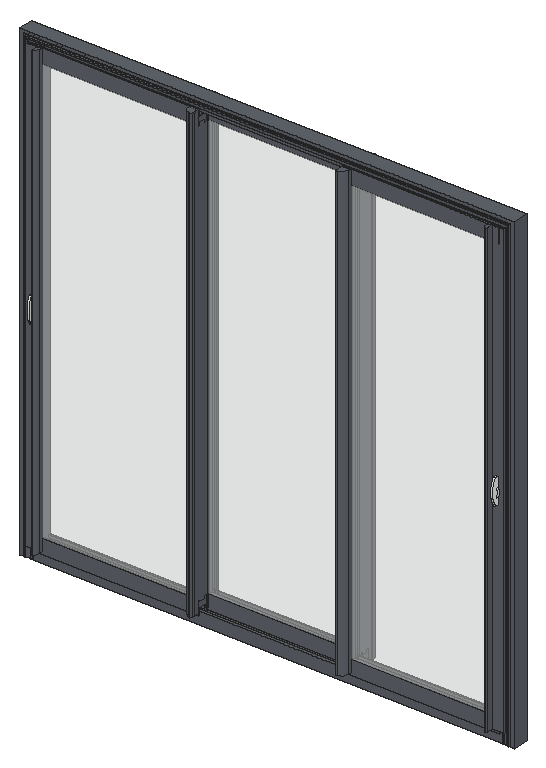
Revit family "Wicslide_65_Glass32_3_leaf_2_track_independent", category Doors, host Wall, Revit 2014 (continued)
Definition of nested family "Leaf_Wicslide_65_G32_2_leaf_2_track_both_sliding_or_1_fixed_1slide"
  Definition of nested family "wicona_handle_2d"
    Lines and regions (mm)
      model lines, style "PIECES", in view "Ref. Level", detail levels fine
        curve 42: line (19.59, -10.831, 0) -> (19.895, -11.783, 0)
        curve 43: line (19.895, -11.783, 0) -> (20.172, -12.744, 0)
        curve 44: line (20.172, -12.744, 0) -> (20.422, -13.712, 0)
        curve 45: line (20.422, -13.712, 0) -> (20.645, -14.687, 0)
        curve 46: line (20.645, -14.687, 0) -> (20.841, -15.667, 0)
        curve 47: line (20.841, -15.667, 0) -> (21.011, -16.653, 0)
        curve 48: line (21.011, -16.653, 0) -> (21.043, -16.863, 0)
        curve 49: line (21.043, -16.863, 0) -> (20.974, -17.852, 0)
        curve 50: line (20.974, -17.852, 0) -> (20.702, -18.43, 0)
        curve 51: line (20.702, -18.43, 0) -> (20.014, -19.149, 0)
        curve 52: line (20.014, -19.149, 0) -> (19.107, -19.554, 0)
        curve 53: line (19.107, -19.554, 0) -> (18.664, -19.6, 0)
        curve 54: line (18.664, -19.6, 0) -> (16.934, -19.6, 0)
        curve 55: line (16.934, -19.6, 0) -> (15.934, -19.6, 0)
        curve 56: line (15.934, -19.6, 0) -> (14.934, -19.6, 0)
        curve 57: line (14.934, -19.6, 0) -> (13.934, -19.6, 0)
        curve 58: line (13.934, -19.6, 0) -> (13.413, -19.6, 0)
        curve 59: line (13.413, -19.6, 0) -> (12.446, -19.377, 0)
        curve 60: line (12.446, -19.377, 0) -> (11.651, -18.781, 0)
        curve 61: line (11.651, -18.781, 0) -> (11.243, -18.216, 0)
        curve 62: line (11.243, -18.216, 0) -> (10.768, -17.336, 0)
        curve 63: line (10.768, -17.336, 0) -> (10.324, -16.441, 0)
        curve 64: line (10.324, -16.441, 0) -> (9.909, -15.531, 0)
        curve 65: line (9.909, -15.531, 0) -> (9.525, -14.608, 0)
        curve 66: line (9.525, -14.608, 0) -> (9.171, -13.672, 0)
        curve 67: line (9.162, -13.647, 0) -> (8.966, -12.67, 0)
        curve 68: line (8.963, -12.62, 0) -> (8.951, -12.312, 0)
        curve 69: arc (-5.814, -25, 0) -> (-5.429, -25.928, 0) -> (-4.501, -26.312, 0) r 1.312
        curve 70: arc (4.591, -26.312, 0) -> (5.454, -25.955, 0) -> (5.812, -25.091, 0) r 1.221
  Definition of nested family "window_2_pieces_glass_line"
    Parameters (values of type "T32")
      v1 = 5 mm
      line = 10 mm
      built-in parameter 1001306 [instance] = 1200 mm
      Glass Thickness = 32 mm
    Types (2, lengths in mm): name | Glass Thickness
      T24 | 24
      T32 | 32
    Reference planes
      plane 1 "Center (Front/Back)": y = 0
      plane 2: z = 0
      plane 3 "Left": x = 0
      plane 4 "Right": x = 1200
      plane 5: y = 32
      plane 6: y = 5
      plane 7: y = 27
      plane 8: x = 10
      plane 9: x = 1190
    Lines and regions (mm)
      reference lines, in view "Ref. Level"
        curve 1: line (0, 0, 0) -> (1200, 0, 0)
      detail lines, in view "Ref. Level", detail levels medium+fine
        curve 2: line (0, 32, 0) -> (1200, 32, 0)
        curve 3: line (0, 0, 0) -> (1200, 0, 0)
      detail lines, in view "Ref. Level", detail levels fine
        curve 4: line (0, 27, 0) -> (1200, 27, 0)
        curve 5: line (0, 5, 0) -> (1200, 5, 0)
      model lines, style "DetailComponents", in view "Ref. Level", detail levels fine
        curve 6: line (10, 27, 0) -> (10, 5, 0)
      detail lines, style "DetailComponents", in view "Ref. Level", detail levels fine
        curve 7: line (1190, 27, 0) -> (1190, 5, 0)
      model lines, style "DetailComponents", in view "Ref. Level", detail levels medium+fine
        curve 8: line (1200, 32, 0) -> (1200, 0, 0)
      detail lines, style "DetailComponents", in view "Ref. Level", detail levels medium+fine
        curve 9: line (0, 32, 0) -> (0, 0, 0)
    Dimensions and locks
      "built-in parameter 1001306": plane 3 "Left" to plane 4 "Right"
      "Glass Thickness": plane 5 to plane 1 "Center (Front/Back)"
      plane 5 to plane 1 "Center (Front/Back)" = 32 mm
      "v1": plane 5 to plane 7
      "v1": plane 6 to plane 1 "Center (Front/Back)"
      "line": plane 3 "Left" to plane 8
      "line": plane 9 to plane 4 "Right"
      aligned and locked: plane 1 "Center (Front/Back)" to curve 1
      aligned and locked: plane 3 "Left" to curve 1
      aligned and locked: plane 4 "Right" to curve 1
      aligned and locked: plane 5 to curve 2
      aligned and locked: plane 7 to curve 4
      aligned and locked: plane 6 to curve 5
      aligned and locked: curve 5 to curve 6
      aligned and locked: curve 6 to plane 8
      aligned and locked: curve 5 to curve 7
      aligned and locked: curve 7 to plane 9
      aligned and locked: plane 1 "Center (Front/Back)" to curve 9
      aligned and locked: curve 9 to plane 3 "Left"
      aligned and locked: curve 2 to curve 8
      aligned and locked: curve 3 to curve 8
      aligned and locked: curve 8 to plane 4 "Right"
      aligned and locked: curve 4 to curve 7
      aligned and locked: curve 4 to curve 6
    Automatic sketch dimensions
      curve 5 to plane 4 "Right" = 0 mm
      curve 4 to plane 4 "Right" = 0 mm
      curve 3 to plane 4 "Right" = 0 mm
      curve 2 to plane 4 "Right" = 0 mm
Definition of nested family "Leaf_Wicslide_65_G32_3_leaf_2_track_independent_2_meet"
  Parameters (values of type "Leaf_Wicslide_65_G32_3_leaf_2_track_independent_2_meet")
    Sash meeting 3041252 = yes
    Sash meeting 3041250 = no
    Sash meeting 3041251 = no
    Sash 1041273 = no
    Sash 1041270 = no
    Sash 1041271 = yes
    Sash 1041272 = no
    Profil Bottom = 4 mm
    Leaf Width = 896 mm
    Leaf Material = Aluminium
    Leaf Height = 2000 mm
    Handle Material = Aluminium
    Glass Width = 32 mm
    Glass Offset 2 = 7 mm  # constant formula
    Glass Offset = 46.1 mm  # constant formula
    Glass Material = WICONA -  Glass
    Glas Offset Bottom = 46.6 mm
    Frame Material = Aluminium
    16 = 16 mm
  Reference planes
    plane 1 "Center (Front/Back)": y = 0
    plane 2: z = 0
    plane 3 "Center (Left/Right)": x = 0
    plane 4: x = 896
    plane 5: z = 2000
    plane 6: x = 7
    plane 7: x = 889
    plane 8: z = 1953.4
    plane 9: z = 46.6
    plane 10: z = 896.6
    plane 11: x = 58.1
    plane 12: y = -16
    plane 13: y = 16
    plane 14: x = -3.312
    plane 15: x = 899.312
    plane 16: z = 46.6
    plane 17: z = 960.237
    plane 18: x = -1.516
    plane 19: y = -21.816
    plane 20: z = -5.306
    plane 21: z = 25
    plane 22: x = 914.975
    plane 23: z = 2010.5
    plane 24: z = 1980.5
    plane 25: z = 4
  Forms (mm)
    Sweep 1, solid, material "Aluminium" <- "Leaf Material", visible <- "Sash meeting 3041250"
      path origin (-1.381, 0, 34.551) x (1, 0, 0) y (0, 0, 1)
        loop
          line (0, -30.551) -> (0, 1970.678)
      profile origin (-1.381, 0, 1004.615) x (-1, 0, 0) y (0, -1, 0)
        loop
          line (-20.493, -22.3) -> (-1.381, -22.3) -> (-1.381, -25.992) -> (17.594, -25.992) -> (17.594, 22) -> (-20.493, 22) -> (-20.493, 16) -> (-8.381, 16) -> (-8.381, -16) -> (-20.493, -16) -> (-20.493, -22.3)
    Extrusion 2, solid, material "WICONA -  Glass" <- "Glass Material", detail levels medium+fine
      sketch origin (-214.248, -550.766, -473.088) x (1, 0, 0) y (0, 0, 1)
        loop
          line (221.248, 2426.488) -> (221.248, 519.688) -> (1103.248, 519.688) -> (1103.248, 2426.488) -> (221.248, 2426.488)
      from -566.766 to -534.766
    Sweep 3, solid, material "Aluminium" <- "Leaf Material"
      path origin (0, 0, 0) x (1, 0, 0) y (0, 0, 1)
        loop
          line (-1.516, 0) -> (914.975, 0)
      profile origin (456.73, 0, 0) x (0, 0, 1) y (0, -1, 0)
        loop
          line (-5.306, -20.1) -> (58.694, -20.1) -> (58.694, -16) -> (46.634, -16) -> (46.634, 16) -> (58.694, 16) -> (58.694, 20.1) -> (-5.306, 20.1) -> (-5.306, 16.6) -> (5.236, 16.6) -> (5.236, 18.5) -> (25.914, 18.5) -> (25.914, -18.502) -> (5.236, -18.502) -> (5.236, -16.602) -> (-5.306, -16.602) -> (-5.306, -20.1)
    Sweep 4, solid, material "Aluminium" <- "Leaf Material", visible <- "Sash meeting 3041250"
      path origin (0, 0, 0) x (1, 0, 0) y (0, 0, 1)
        loop
          line (896, 2005.23) -> (896, 4)
      profile origin (896, 0, 1004.615) x (0, -1, 0) y (1, 0, 0)
        loop
          line (-22.3, -19.026) -> (-16, -19.026) -> (-16, -7.023) -> (16, -7.023) -> (16, -19.026) -> (22, -19.026) -> (22, 18.975) -> (-25.992, 18.975) -> (-25.992, 0) -> (-22.3, 0) -> (-22.3, -19.026)
    Sweep 5, solid, material "Aluminium" <- "Leaf Material", visible <- "Sash meeting 3041252"
      path origin (0, 0, 0) x (1, 0, 0) y (0, 0, 1)
        loop
          line (0, 4) -> (0, 2005.23)
      profile origin (0, 0, 1004.615) x (-1, 0, 0) y (0, -1, 0)
        loop
          line (18.975, -25.992) -> (18.975, 38.7) -> (14.56, 62) -> (7.45, 62)
          arc (7.45, 62) -> (-9.073, 49.192) -> (-19.112, 30.854) r 51.285
          line (-19.112, 30.854) -> (-19.112, 16) -> (-7.023, 16) -> (-7.023, -16) -> (-19.112, -16) -> (-19.112, -22.3) -> (0, -22.3) -> (0, -25.992) -> (18.975, -25.992)
    Sweep 6, solid, material "Aluminium" <- "Leaf Material", visible <- "Sash meeting 3041251"
      path origin (0, 0, 0) x (1, 0, 0) y (0, 0, 1)
        loop
          line (0, 4) -> (0, 2005.23)
      profile origin (0, 0, 1004.615) x (-1, 0, 0) y (0, -1, 0)
        loop
          line (18.975, -25.992) -> (18.975, 57) -> (-19.112, 57) -> (-19.112, 16) -> (-7.023, 16) -> (-7.023, -16) -> (-19.112, -16) -> (-19.112, -22.3) -> (0, -22.3) -> (0, -25.992) -> (18.975, -25.992)
    Sweep 7, solid, material "Aluminium" <- "Leaf Material", visible <- "Sash meeting 3041252"
      path origin (0, 0, 0) x (1, 0, 0) y (0, 0, 1)
        loop
          line (896, 4) -> (896, 2005.23)
      profile origin (896, 0, 1004.615) x (-1, 0, 0) y (0, -1, 0)
        loop
          line (19.026, -22.3) -> (19.026, -16.183) -> (7, -16.183) -> (7, 16) -> (19.026, 16) -> (19.026, 30.94)
          arc (19.026, 30.94) -> (9.037, 49.24) -> (-7.45, 62) r 50.906
          line (-7.45, 62) -> (-13.135, 62) -> (-14.994, 60.998) -> (-17.979, 49.857) -> (-18.975, 41.747) -> (-18.975, -25.992) -> (0, -25.992) -> (0, -22.3) -> (19.026, -22.3)
    Sweep 8, solid, material "Aluminium" <- "Leaf Material", visible <- "Sash meeting 3041251"
      path origin (0, 0, 0) x (1, 0, 0) y (0, 0, 1)
        loop
          line (896, 4) -> (896, 2005.23)
      profile origin (896, 0, 1004.615) x (-1, 0, 0) y (0, -1, 0)
        loop
          line (0, -22.3) -> (19.026, -22.3) -> (19.026, -16) -> (7.023, -16) -> (7.023, 16) -> (19.026, 16) -> (19.026, 57) -> (-18.975, 57) -> (-18.975, -25.992) -> (0, -25.992) -> (0, -22.3)
    Sweep 9, solid, material "Aluminium" <- "Leaf Material"
      path origin (0, 0, 5.236) x (1, 0, 0) y (0, 0, 1)
        loop
          line (-1.516, 2000) -> (914.975, 2000)
      profile origin (456.73, 0, 2005.236) x (0, 0, 1) y (0, -1, 0)
        loop
          line (-0.006, 20.1) -> (-64.007, 20.1) -> (-64.007, 16) -> (-51.87, 16) -> (-51.87, -16) -> (-64.006, -16) -> (-64.006, -20.1) -> (-0.005, -20.1) -> (-0.005, -16.6) -> (-10.505, -16.6) -> (-10.505, -18.5) -> (-31.192, -18.5) -> (-31.192, 18.502) -> (-10.506, 18.502) -> (-10.506, 16.602) -> (-0.006, 16.602) -> (-0.006, 20.1)
    Extrusion 10, void
      sketch origin (0, 0, 0) x (1, 0, 0) y (0, 1, 0)
        loop
          line (889, 16) -> (889, -16) -> (925.276, -16) -> (925.276, 16) -> (889, 16)
      from -5.306 to 25
    Extrusion 11, void
      sketch origin (0, 0, 0) x (1, 0, 0) y (0, 1, 0)
        loop
          line (922.34, 16) -> (889, 16) -> (889, -16) -> (922.34, -16) -> (922.34, 16)
      from -5.306 to 25
    Extrusion 12, void
      sketch origin (0, 0, 140) x (1, 0, 0) y (0, 1, 0)
        loop
          line (922.34, 16) -> (889, 16) -> (889, -16) -> (922.34, -16) -> (922.34, 16)
      from 1840.5 to 1870.5
  Cuts and joins
    Extrusion 10, Extrusion 11 cuts Extrusion 2
    Extrusion 10, Extrusion 11 cuts Sweep 3
    Extrusion 10, Extrusion 11, Extrusion 12 cuts Sweep 8
    Extrusion 11, Extrusion 12 cuts Sweep 4
    Extrusion 11, Extrusion 12 cuts Sweep 7
  Lines and regions (mm)
    symbolic lines, style "GenericModel", detail levels medium+fine
      curve 1: line (0, 16, 1953.4) -> (0, 16, 46.6)
      curve 2: line (0, -16, 1953.4) -> (0, -16, 46.6)
      curve 3: line (0, 0, 1953.4) -> (0, 0, 46.6)
  Dimensions and locks
    "Leaf Width": plane 3 "Center (Left/Right)" to plane 4
    "Leaf Height": plane 5 to level
    "Glass Offset 2": plane 3 "Center (Left/Right)" to plane 6
    "Glass Offset 2": plane 7 to plane 4
    "Glas Offset Bottom": plane 5 to plane 8
    level to plane 10 = 896.6 mm
    plane 10 to plane 9 = 850 mm
    "Glas Offset Bottom": plane 9 to level
    locked: plane 3 "Center (Left/Right)" to plane 14 at 3.312
    locked: plane 15 to plane 4 at 3.312
    plane 17 to level = 960.237 mm
    plane 19 to plane 1 "Center (Front/Back)" = 21.816 mm
    plane 21 to level to plane 20 = 25 mm locked, 5.306 mm locked
    locked: plane 4 to plane 22 at 18.975
    plane 23 to plane 5 to plane 24 = 10.5 mm locked, 19.5 mm locked
    "Profil Bottom": plane 25 to level
    "Glass Width": plane 12 to plane 13
    "16": plane 1 "Center (Front/Back)" to plane 13
    aligned and locked: level to plane 2
    aligned and locked: plane 9 to plane 16
    aligned and locked: nested 2 to level
    aligned and locked: nested 2 to plane 1 "Center (Front/Back)"
    aligned and locked: Extrusion 2 to plane 6
    aligned and locked: plane 7 to Extrusion 2
    aligned and locked: plane 8 to Extrusion 2
    aligned and locked: Extrusion 2 to plane 9
    aligned and locked: Extrusion 2 to plane 13
    aligned and locked: plane 12 to Extrusion 2
    aligned and locked: Sweep 4 to Sweep 3 sketch curve
    aligned and locked: plane 1 "Center (Front/Back)" to nested 5
    aligned and locked: Sweep 9 to Sweep 4 sketch curve
    aligned and locked: Sweep 9 to Sweep 8 sketch curve
    aligned and locked: Sweep 9 to Sweep 7 sketch curve
    aligned and locked: Sweep 9 to Sweep 6 sketch curve
    aligned and locked: Sweep 9 to Sweep 5 sketch curve
    aligned and locked: Sweep 9 to Sweep 1 sketch curve
    aligned and locked: plane 21 to cut or joined group of Sweep 8, Extrusion 10, Extrusion 11, Extrusion 12
    aligned and locked: cut or joined group of Sweep 8, Extrusion 10, Extrusion 11, Extrusion 12 to plane 20
    aligned and locked: cut or joined group of Sweep 8, Extrusion 10, Extrusion 11, Extrusion 12 to plane 7
    aligned and locked: plane 25 to Sweep 8 sketch curve
    aligned and locked: plane 25 to Sweep 4 sketch curve
    aligned and locked: plane 25 to Sweep 6 sketch curve
    aligned and locked: plane 25 to Sweep 5 sketch curve
    aligned and locked: plane 25 to Sweep 1 sketch curve
    aligned and locked: plane 25 to Sweep 7 sketch curve
    aligned and locked: nested 6 to plane 8
    aligned and locked: nested 6 to plane 9
    aligned and locked: nested 1 to plane 1 "Center (Front/Back)"
    aligned and locked: plane 4 to nested 1
    aligned and locked: nested 4 to plane 1 "Center (Front/Back)"
    aligned and locked: plane 4 to nested 4
    aligned and locked: plane 4 to nested 3
    aligned and locked: nested 3 to plane 1 "Center (Front/Back)"
    aligned and locked: plane 7 to nested 7
    aligned and locked: plane 6 to nested 7
    aligned and locked: plane 12 to nested 7
    aligned and locked: plane 12 to nested 6
    aligned and locked: cut or joined group of Sweep 7, Extrusion 11, Extrusion 12 to plane 7  (x2)
    aligned and locked: cut or joined group of Sweep 7, Extrusion 11, Extrusion 12 to plane 20
    aligned and locked: plane 21 to cut or joined group of Sweep 7, Extrusion 11, Extrusion 12
    aligned and locked: plane 23 to cut or joined group of Sweep 7, Extrusion 11, Extrusion 12
    aligned and locked: cut or joined group of Sweep 7, Extrusion 11, Extrusion 12 to plane 24
    aligned and locked: plane 5 to nested 5
    aligned and locked: plane 3 "Center (Left/Right)" to nested 8
    aligned and locked: plane 1 "Center (Front/Back)" to nested 8
    aligned and locked: plane 1 "Center (Front/Back)" to nested 10
    aligned and locked: plane 3 "Center (Left/Right)" to nested 10
    aligned and locked: plane 1 "Center (Front/Back)" to nested 9
    aligned and locked: plane 3 "Center (Left/Right)" to nested 9
    aligned and locked: plane 18 to Sweep 9 sketch curve
    aligned and locked: plane 18 to Sweep 3 sketch curve
  Automatic sketch dimensions
    curve 2 to plane 8 = 0 mm
    curve 2 to plane 12 = 0 mm
    curve 3 to plane 1 "Center (Front/Back)" = 0 mm
    curve 1 to plane 9 = 0 mm
    curve 1 to plane 13 = 0 mm
    curve 2 to plane 9 = 0 mm
    curve 3 to plane 9 = 0 mm
    curve 3 to plane 8 = 0 mm
    curve 1 to plane 8 = 0 mm
    plane 18 to Sweep 1 sketch curve = 0.135 mm
    Extrusion 2 sketch curve to plane 6 = 0 mm
    Extrusion 2 sketch curve to plane 7 = 0 mm
    Extrusion 2 sketch curve to plane 9 = 0 mm
    Extrusion 2 sketch curve to plane 8 = 0 mm
    Sweep 3 sketch curve to level = 0 mm
    profile plane to Sweep 3 sketch curve = 5.306 mm  (x2)
    Sweep 3 sketch curve to profile plane = 5.236 mm  (x2)
    Sweep 3 sketch curve to Sweep 3 sketch curve = 20.678 mm
    plane 16 to Sweep 3 sketch curve = 0.034 mm
    plane 16 to Sweep 3 sketch curve = 12.094 mm  (x2)
    Sweep 3 sketch curve to plane 1 "Center (Front/Back)" = 20.1 mm
    Sweep 3 sketch curve to plane 1 "Center (Front/Back)" = 18.502 mm
    Sweep 3 sketch curve to Sweep 3 sketch curve = 3.498 mm
    Sweep 3 sketch curve to Sweep 3 sketch curve = 4.1 mm  (x2)
    plane 1 "Center (Front/Back)" to Sweep 3 sketch curve = 16 mm
    plane 1 "Center (Front/Back)" to Sweep 3 sketch curve = 16.6 mm
    Sweep 3 sketch curve to Sweep 3 sketch curve = 1.9 mm
    Sweep 4 sketch curve to plane 4 = 0 mm
    Sweep 4 sketch curve to profile plane = 0 mm
    Sweep 4 sketch curve to plane 1 "Center (Front/Back)" = 25.992 mm
    Sweep 4 sketch curve to Sweep 4 sketch curve = 3.692 mm
    Sweep 4 sketch curve to Sweep 4 sketch curve = 6.3 mm
    profile plane to Sweep 4 sketch curve = 7.023 mm
    plane 1 "Center (Front/Back)" to Sweep 4 sketch curve = 16 mm
    Sweep 4 sketch curve to Sweep 4 sketch curve = 6 mm
    Sweep 4 sketch curve to Sweep 4 sketch curve = 12.003 mm  (x2)
    Sweep 4 sketch curve to profile plane = 18.975 mm
    Sweep 5 sketch curve to plane 3 "Center (Left/Right)" = 0 mm
    Sweep 6 sketch curve to plane 3 "Center (Left/Right)" = 0 mm
    Sweep 7 sketch curve to plane 4 = 0 mm
    Sweep 7 sketch curve to profile plane = 0 mm
    profile plane to Sweep 7 sketch curve = 7.45 mm
    Sweep 7 sketch curve to Sweep 7 sketch curve = 5.685 mm
    Sweep 7 sketch curve to Sweep 7 sketch curve = 1.859 mm
    Sweep 7 sketch curve to Sweep 7 sketch curve = 2.985 mm
    Sweep 7 sketch curve to Sweep 7 sketch curve = 0.996 mm
    plane 1 "Center (Front/Back)" to Sweep 7 sketch curve = 16.215 mm
    Sweep 7 sketch curve to Sweep 7 sketch curve = 10.729 mm
    Sweep 7 sketch curve to profile plane = 7 mm
    Sweep 7 sketch curve to Sweep 7 sketch curve = 12.026 mm  (x2)
    plane 1 "Center (Front/Back)" to Sweep 7 sketch curve = 16 mm
    Sweep 7 sketch curve to plane 1 "Center (Front/Back)" = 16.183 mm
    Sweep 7 sketch curve to Sweep 7 sketch curve = 6.117 mm
    Sweep 7 sketch curve to Sweep 7 sketch curve = 3.692 mm
    Sweep 7 sketch curve to Sweep 7 sketch curve = 14.94 mm
    Sweep 7 sketch curve to Sweep 7 sketch curve = 20.253 mm
    Sweep 7 sketch curve to Sweep 7 sketch curve = 8.11 mm
    Sweep 7 sketch curve to Sweep 7 sketch curve = 1.002 mm
    Sweep 8 sketch curve to plane 4 = 0 mm
    Sweep 8 sketch curve to profile plane = 0 mm
    profile plane to Sweep 8 sketch curve = 18.975 mm
    Sweep 8 sketch curve to profile plane = 7.023 mm
    Sweep 8 sketch curve to profile plane = 19.026 mm
    Sweep 8 sketch curve to Sweep 8 sketch curve = 12.003 mm
    Sweep 8 sketch curve to plane 1 "Center (Front/Back)" = 25.992 mm
    Sweep 8 sketch curve to Sweep 8 sketch curve = 3.692 mm
    Sweep 8 sketch curve to Sweep 8 sketch curve = 6.3 mm
    plane 1 "Center (Front/Back)" to Sweep 8 sketch curve = 16 mm
    Sweep 8 sketch curve to Sweep 8 sketch curve = 41 mm
    plane 5 to Sweep 9 sketch curve = 5.236 mm
    Sweep 9 sketch curve to plane 22 = 0 mm
    Extrusion 10 sketch curve to plane 7 = 0 mm
    plane 12 to Extrusion 10 sketch curve = 0 mm
    plane 13 to Extrusion 10 sketch curve = 0 mm
    plane 22 to Extrusion 10 sketch curve = 10.301 mm
    Extrusion 11 sketch curve to plane 7 = 0 mm
    plane 12 to Extrusion 11 sketch curve = 0 mm
    plane 13 to Extrusion 11 sketch curve = 0 mm
    plane 22 to Extrusion 11 sketch curve = 7.365 mm
    plane 7 to Extrusion 12 sketch curve = 0 mm
    plane 12 to Extrusion 12 sketch curve = 0 mm
    plane 13 to Extrusion 12 sketch curve = 0 mm
    plane 22 to Extrusion 12 sketch curve = 7.365 mm
    plane 1 "Center (Front/Back)" to Sweep 9 sketch curve = 20.1 mm
    profile plane to Sweep 9 sketch curve = 64.007 mm
    Sweep 9 sketch curve to plane 1 "Center (Front/Back)" = 16 mm
    Sweep 9 sketch curve to Sweep 9 sketch curve = 0.001 mm
    Sweep 9 sketch curve to Sweep 9 sketch curve = 12.136 mm
    Sweep 9 sketch curve to Sweep 9 sketch curve = 20.678 mm
    profile plane to Sweep 9 sketch curve = 10.506 mm
    profile plane to Sweep 9 sketch curve = 10.505 mm
    profile plane to Sweep 9 sketch curve = 0.006 mm
    profile plane to Sweep 9 sketch curve = 0.005 mm
    Sweep 9 sketch curve to plane 1 "Center (Front/Back)" = 16.6 mm
    Sweep 9 sketch curve to Sweep 9 sketch curve = 1.9 mm
    Sweep 9 sketch curve to Sweep 9 sketch curve = 4.1 mm  (x2)
    Sweep 9 sketch curve to Sweep 9 sketch curve = 3.498 mm
    plane 1 "Center (Front/Back)" to Sweep 9 sketch curve = 18.502 mm
    profile plane to Sweep 1 sketch curve = 20.493 mm  (x2)
    profile plane to Sweep 1 sketch curve = 8.381 mm
    profile plane to Sweep 1 sketch curve = 1.381 mm
    Sweep 1 sketch curve to profile plane = 17.594 mm
    Sweep 1 sketch curve to profile plane = 25.992 mm
    Sweep 1 sketch curve to Sweep 1 sketch curve = 3.692 mm
    Sweep 1 sketch curve to Sweep 1 sketch curve = 6.3 mm
    profile plane to Sweep 1 sketch curve = 16 mm
    profile plane to Sweep 1 sketch curve = 22 mm
    Sweep 6 sketch curve to profile plane = 0 mm
    profile plane to Sweep 6 sketch curve = 7.023 mm
    Sweep 6 sketch curve to Sweep 6 sketch curve = 12.089 mm  (x2)
    Sweep 6 sketch curve to profile plane = 18.975 mm
    Sweep 6 sketch curve to plane 1 "Center (Front/Back)" = 22.3 mm
    Sweep 6 sketch curve to Sweep 6 sketch curve = 6.3 mm
    plane 1 "Center (Front/Back)" to Sweep 6 sketch curve = 16 mm
    Sweep 6 sketch curve to Sweep 6 sketch curve = 41 mm
    Sweep 6 sketch curve to Sweep 6 sketch curve = 3.692 mm
    Sweep 5 sketch curve to profile plane = 0 mm
    profile plane to Sweep 5 sketch curve = 7.023 mm
    Sweep 5 sketch curve to Sweep 5 sketch curve = 12.089 mm  (x2)
    Sweep 5 sketch curve to profile plane = 14.56 mm
    Sweep 5 sketch curve to profile plane = 18.975 mm
    Sweep 5 sketch curve to Sweep 5 sketch curve = 10.973 mm
    Sweep 5 sketch curve to plane 1 "Center (Front/Back)" = 25.992 mm
    Sweep 5 sketch curve to Sweep 5 sketch curve = 3.692 mm
    Sweep 5 sketch curve to Sweep 5 sketch curve = 6.3 mm
    plane 1 "Center (Front/Back)" to Sweep 5 sketch curve = 15.913 mm
    plane 1 "Center (Front/Back)" to Sweep 5 sketch curve = 16 mm
    Sweep 5 sketch curve to Sweep 5 sketch curve = 22.787 mm
    Sweep 5 sketch curve to Sweep 5 sketch curve = 7.11 mm
    Sweep 5 sketch curve to Sweep 5 sketch curve = 14.854 mm
  Nested families
    nested 1: "Sash meeting 3041250" at (896, 18, 0), visible <- "Sash meeting 3041250", type "Sash meeting 3041250"
    nested 2: "Sash_horizontal_1041274" at (0, 0, 0) x (0, 1, 0) z (1, 0, 0), type "Sash_horizontal_1041274"
    nested 3: "Sash meeting 3041251" at (896, 18, 0), visible <- "Sash meeting 3041251", type "Sash meeting_3041251"
    nested 4: "Sash meeting 3041252" at (896, 18, 0), visible <- "Sash meeting 3041252", type "Sash meeting_3041252"
    nested 5: "Sash_horizontal_1041274" at (0, 0, 2000) x (0, -1, 0) z (1, 0, 0), type "Sash_horizontal_1041274"
    nested 6: "window_2_pieces_glass_line" at (0, -16, 1953.4) x (0, 0, -1) z (1, 0, 0), type "T32"
      with built-in parameter 1001306 6.2559 (stored number, unit not read)
    nested 7: "window_2_pieces_glass_line" at (7, -16, 0), type "T32"
      with built-in parameter 1001306 2.8937 (stored number, unit not read)
    nested 8: "Sash meeting 3041250" at (0, 18, 0) x (-1, 0, 0) z (0, 0, 1), visible <- "Sash meeting 3041250", type "Sash meeting 3041250"
    nested 9: "Sash meeting 3041252" at (0, 18, 0) x (-1, 0, 0) z (0, 0, 1), visible <- "Sash meeting 3041252", type "Sash meeting_3041252"
    nested 10: "Sash meeting 3041251" at (0, 18, 0) x (-1, 0, 0) z (0, 0, 1), visible <- "Sash meeting 3041251", type "Sash meeting_3041251"
  Definition of nested family "Sash meeting 3041250"
    Parameters (values of type "Sash meeting 3041250")
      6 = 6 mm
    Reference planes
      plane 1 "Center (Front/Back)": y = 0
      plane 2: z = 0
      plane 3 "Center (Left/Right)": x = 0
      plane 4: y = -40
      plane 5: y = -18
      plane 6: x = 18.975
      plane 7: y = -2
      plane 8: y = -34
    Lines and regions (mm)
      Filled region 1, type "Concrete", in view "Ref. Level", detail levels medium
        outline origin (18.997, 3.58, 0) x (1, 0, 0) y (0, 1, 0)
          loop
            line (-0.022, -43.58) -> (-0.022, 4.412) -> (-18.997, 4.412) -> (-18.997, 0.72) -> (-38.109, 0.72) -> (-38.109, -5.58) -> (-26.02, -5.58) -> (-26.02, -37.58) -> (-38.109, -37.58) -> (-38.109, -43.58) -> (-0.022, -43.58)
  Definition of nested family "Sash_horizontal_1041274"
    Reference planes
      plane 1 "Center (Front/Back)": y = 0
      plane 2: z = 0
      plane 3 "Center (Left/Right)": x = 0
      plane 4: y = -5.264
      plane 5: y = 46.634
      plane 6: x = -16
      plane 7: x = 16
    Lines and regions (mm)
      Filled region 1, type "Concrete", in view "Ref. Level", detail levels medium
        outline origin (18.997, 3.58, 0) x (1, 0, 0) y (0, 1, 0)
          loop
            line (-39.097, -8.845) -> (-35.597, -8.845) -> (-35.597, 1.655) -> (-37.497, 1.655) -> (-37.497, 22.334) -> (-0.495, 22.334) -> (-0.495, 1.655) -> (-2.394, 1.655) -> (-2.394, -8.845) -> (1.103, -8.845) -> (1.103, 55.157) -> (-2.997, 55.157) -> (-2.997, 43.054) -> (-34.997, 43.054) -> (-34.997, 55.156) -> (-39.097, 55.156) -> (-39.097, -8.845)
      detail lines, style "CENT3", in view "Ref. Level", not visible
        curve 1: line (123.517, -4.599, 0) -> (123.517, -38.599, 0)
      detail lines, style "GLAS", in view "Ref. Level", not visible
        curve 2: line (83.517, -9.599, 0) -> (123.517, -9.599, 0)
        curve 3: line (123.517, -9.599, 0) -> (123.517, -14.599, 0)
        curve 4: line (123.517, -14.599, 0) -> (83.517, -14.599, 0)
        curve 5: line (83.517, -14.599, 0) -> (83.517, -9.599, 0)
        curve 6: line (83.517, -28.599, 0) -> (123.517, -28.599, 0)
        curve 7: line (123.517, -28.599, 0) -> (123.517, -33.599, 0)
        curve 8: line (123.517, -33.599, 0) -> (83.517, -33.599, 0)
        curve 9: line (83.517, -33.599, 0) -> (83.517, -28.599, 0)
        curve 10: line (83.517, -10.599, 0) -> (123.517, -10.599, 0)
        curve 11: line (83.517, -11.599, 0) -> (123.517, -11.599, 0)
        curve 12: line (83.517, -12.599, 0) -> (123.517, -12.599, 0)
        curve 13: line (83.517, -13.599, 0) -> (123.517, -13.599, 0)
        curve 14: line (83.517, -14.599, 0) -> (123.517, -14.599, 0)
        curve 15: line (93.517, -14.599, 0) -> (93.517, -28.599, 0)
        curve 16: line (83.517, -28.599, 0) -> (123.517, -28.599, 0)
        curve 17: line (83.517, -29.599, 0) -> (123.517, -29.599, 0)
        curve 18: line (83.517, -30.599, 0) -> (123.517, -30.599, 0)
        curve 19: line (83.517, -31.599, 0) -> (123.517, -31.599, 0)
        curve 20: line (83.517, -32.599, 0) -> (123.517, -32.599, 0)
        curve 21: line (123.517, -9.599, 0) -> (83.517, -9.599, 0)
        curve 22: line (83.517, -9.599, 0) -> (83.517, -33.599, 0)
        curve 23: line (83.517, -33.599, 0) -> (123.517, -33.599, 0)
      detail lines, style "GLAS", in view "Ref. Level", not visible, detail levels fine
        curve 24: line (56.036, -6.117, 0) -> (96.036, -6.117, 0)
        curve 25: line (96.036, -30.117, 0) -> (56.036, -30.117, 0)
        curve 26: line (96.036, -6.117, 0) -> (56.036, -6.117, 0)
        curve 27: line (56.036, -6.117, 0) -> (56.036, -30.117, 0)
        curve 28: line (56.036, -30.117, 0) -> (96.036, -30.117, 0)
  Definition of nested family "Sash meeting 3041251"
    Parameters (values of type "Sash meeting 3041251")
      6 = 6 mm
    Reference planes
      plane 1 "Center (Front/Back)": y = 0
      plane 2: z = 0
      plane 3 "Center (Left/Right)": x = 0
      plane 4: y = -40
      plane 5: y = -18
      plane 6: x = 18.975
      plane 7: y = -2
      plane 8: y = -34
      plane 9: y = 4.5
    Lines and regions (mm)
      Filled region 1, type "Concrete", in view "Ref. Level", detail levels medium
        outline origin (18.997, 3.58, 0) x (1, 0, 0) y (0, 1, 0)
          loop
            line (-0.022, -78.58) -> (-0.022, 4.412) -> (-18.997, 4.412) -> (-18.997, 0.72) -> (-38.109, 0.72) -> (-38.109, -5.58) -> (-26.02, -5.58) -> (-26.02, -37.58) -> (-38.109, -37.58) -> (-38.109, -78.58) -> (-0.022, -78.58)
  Definition of nested family "Sash meeting 3041252"
    Parameters (values of type "Sash meeting 3041252")
      6 = 6 mm
    Reference planes
      plane 1 "Center (Front/Back)": y = 0
      plane 2: z = 0
      plane 3 "Center (Left/Right)": x = 0
      plane 4: y = -40
      plane 5: y = -18
      plane 6: x = 18.975
      plane 7: y = -2
      plane 8: y = -34
      plane 9: y = 4.5
    Lines and regions (mm)
      Filled region 1, type "Concrete", in view "Ref. Level", detail levels medium
        outline origin (18.997, 3.58, 0) x (1, 0, 0) y (0, 1, 0)
          loop
            line (-0.022, -60.28) -> (-0.022, 4.412) -> (-18.997, 4.412) -> (-18.997, 0.72) -> (-38.109, 0.72) -> (-38.109, -5.58) -> (-26.02, -5.58) -> (-26.02, -37.58) -> (-38.109, -37.58) -> (-38.109, -52.434)
            arc (-38.109, -52.434) -> (-28.07, -70.772) -> (-11.546, -83.58) r 51.285
            line (-11.546, -83.58) -> (-4.436, -83.58) -> (-0.022, -60.28)
  Definition of nested family "window_2_pieces_glass_line"
    Parameters (values of type "T32")
      v1 = 5 mm
      line = 10 mm
      built-in parameter 1001306 [instance] = 1200 mm
      Glass Thickness = 32 mm
    Types (2, lengths in mm): name | Glass Thickness
      T24 | 24
      T32 | 32
    Reference planes
      plane 1 "Center (Front/Back)": y = 0
      plane 2: z = 0
      plane 3 "Left": x = 0
      plane 4 "Right": x = 1200
      plane 5: y = 32
      plane 6: y = 5
      plane 7: y = 27
      plane 8: x = 10
      plane 9: x = 1190
    Lines and regions (mm)
      reference lines, in view "Ref. Level"
        curve 1: line (0, 0, 0) -> (1200, 0, 0)
      detail lines, in view "Ref. Level", detail levels medium+fine
        curve 2: line (0, 32, 0) -> (1200, 32, 0)
        curve 3: line (0, 0, 0) -> (1200, 0, 0)
      detail lines, in view "Ref. Level", detail levels fine
        curve 4: line (0, 27, 0) -> (1200, 27, 0)
        curve 5: line (0, 5, 0) -> (1200, 5, 0)
      model lines, style "DetailComponents", in view "Ref. Level", detail levels fine
        curve 6: line (10, 27, 0) -> (10, 5, 0)
      detail lines, style "DetailComponents", in view "Ref. Level", detail levels fine
        curve 7: line (1190, 27, 0) -> (1190, 5, 0)
      model lines, style "DetailComponents", in view "Ref. Level", detail levels medium+fine
        curve 8: line (1200, 32, 0) -> (1200, 0, 0)
      detail lines, style "DetailComponents", in view "Ref. Level", detail levels medium+fine
        curve 9: line (0, 32, 0) -> (0, 0, 0)
    Dimensions and locks
      "built-in parameter 1001306": plane 3 "Left" to plane 4 "Right"
      "Glass Thickness": plane 5 to plane 1 "Center (Front/Back)"
      plane 5 to plane 1 "Center (Front/Back)" = 32 mm
      "v1": plane 5 to plane 7
      "v1": plane 6 to plane 1 "Center (Front/Back)"
      "line": plane 3 "Left" to plane 8
      "line": plane 9 to plane 4 "Right"
      aligned and locked: plane 1 "Center (Front/Back)" to curve 1
      aligned and locked: plane 3 "Left" to curve 1
      aligned and locked: plane 4 "Right" to curve 1
      aligned and locked: plane 5 to curve 2
      aligned and locked: plane 7 to curve 4
      aligned and locked: plane 6 to curve 5
      aligned and locked: curve 5 to curve 6
      aligned and locked: curve 6 to plane 8
      aligned and locked: curve 5 to curve 7
      aligned and locked: curve 7 to plane 9
      aligned and locked: plane 1 "Center (Front/Back)" to curve 9
      aligned and locked: curve 9 to plane 3 "Left"
      aligned and locked: curve 2 to curve 8
      aligned and locked: curve 3 to curve 8
      aligned and locked: curve 8 to plane 4 "Right"
      aligned and locked: curve 4 to curve 7
      aligned and locked: curve 4 to curve 6
    Automatic sketch dimensions
      curve 5 to plane 4 "Right" = 0 mm
      curve 4 to plane 4 "Right" = 0 mm
      curve 3 to plane 4 "Right" = 0 mm
      curve 2 to plane 4 "Right" = 0 mm
Definition of nested family "Leaf_Wicslide_65_G32_2_leaf_2_track_both_sliding_or_1_fixed_1slide_duble"
  Parameters (values of type "Leaf_Wicslide_65_G32_2_leaf_2_track_both_sliding_or_1_fixed_1slide_duble")
    Sash meeting 3041252 = yes
    Sash meeting 3041250 = no
    Sash meeting 3041251 = no
    Sash 1041273 = no
    Sash 1041270 = no
    Sash 1041271 = yes
    Sash 1041272 = no
    Profil Bottom = 4 mm
    Handle Distance = if(Sash 1041270, 22 mm, if(Sash 1041271, 45 mm, if(Sash 1041272, 42 mm, 22 mm)))  # 45 mm
    Leaf Width = 896 mm
    Leaf Material = Aluminium
    Leaf Height = 2000 mm
    Handle Material = Aluminium
    Handle Height = 850 mm  # constant formula
    Glass Width = 32 mm
    Glass Offset 2 = 7 mm  # constant formula
    Glass Offset = 46.1 mm  # constant formula
    Glass Material = WICONA -  Glass
    Glas Offset Bottom = 46.6 mm
    Frame Material = Aluminium
    16 = 16 mm
  Reference planes
    plane 1 "Center (Front/Back)": y = 0
    plane 2: z = 0
    plane 3 "Center (Left/Right)": x = 0
    plane 4: x = 896
    plane 5: z = 2000
    plane 6: x = 46.1
    plane 7: x = 889
    plane 8: z = 1953.4
    plane 9: z = 46.6
    plane 10: z = 896.6
    plane 11: x = 58.1
    plane 12: y = -16
    plane 13: y = 16
    plane 14: x = -3.312
    plane 15: x = 899.312
    plane 16: z = 46.6
    plane 17: y = -45
    plane 18: x = 20
    plane 19: z = 960.237
    plane 20: x = -1.516
    plane 21: y = -21.816
    plane 22: z = -5.306
    plane 23: z = 25
    plane 24: x = 914.975
    plane 25: z = 2010.5
    plane 26: z = 1980.5
    plane 27: z = 4
    plane 28: x = -9.9
  Forms (mm)
    Sweep 1, solid, material "Aluminium" <- "Leaf Material", visible <- "Sash 1041270"
      path origin (-1.381, 0, 34.551) x (1, 0, 0) y (0, 0, 1)
        loop
          line (0, -30.551) -> (0, 1970.678)
      profile origin (-1.381, 0, 1004.615) x (-1, 0, 0) y (0, -1, 0)
        loop
          line (-59.481, -22) -> (8.519, -22) -> (8.519, -16.6) -> (-10.369, -16.6) -> (-10.369, 16.6) -> (8.519, 16.6) -> (8.519, 22) -> (-59.395, 22) -> (-59.395, 16) -> (-47.481, 16) -> (-47.481, -16) -> (-59.481, -16) -> (-59.481, -22)
    Extrusion 2, solid, material "WICONA -  Glass" <- "Glass Material", detail levels medium+fine
      sketch origin (-214.248, -550.766, -473.088) x (1, 0, 0) y (0, 0, 1)
        loop
          line (260.348, 2426.488) -> (260.348, 519.688) -> (1103.248, 519.688) -> (1103.248, 2426.488) -> (260.348, 2426.488)
      from -566.766 to -534.766
    Sweep 3, solid, material "Aluminium" <- "Leaf Material"
      path origin (0, 0, 0) x (1, 0, 0) y (0, 0, 1)
        loop
          line (8.988, 0) -> (914.975, 0)
      profile origin (461.982, 0, 0) x (0, 0, 1) y (0, -1, 0)
        loop
          line (-5.306, -20.1) -> (58.694, -20.1) -> (58.694, -16) -> (46.634, -16) -> (46.634, 16) -> (58.694, 16) -> (58.694, 20.1) -> (-5.306, 20.1) -> (-5.306, 16.6) -> (5.236, 16.6) -> (5.236, 18.5) -> (25.914, 18.5) -> (25.914, -18.502) -> (5.236, -18.502) -> (5.236, -16.602) -> (-5.306, -16.602) -> (-5.306, -20.1)
    Sweep 4, solid, material "Aluminium" <- "Leaf Material", visible <- "Sash meeting 3041250"
      path origin (0, 0, 0) x (1, 0, 0) y (0, 0, 1)
        loop
          line (896, 2005.23) -> (896, 4)
      profile origin (896, 0, 1004.615) x (0, -1, 0) y (1, 0, 0)
        loop
          line (-22.3, -19.026) -> (-16, -19.026) -> (-16, -7.023) -> (16, -7.023) -> (16, -19.026) -> (22, -19.026) -> (22, 18.975) -> (-25.992, 18.975) -> (-25.992, 0) -> (-22.3, 0) -> (-22.3, -19.026)
    Sweep 5, solid, material "Aluminium" <- "Leaf Material", visible <- "Sash 1041273"
      path origin (0, 0, 0) x (1, 0, 0) y (0, 0, 1)
        loop
          line (0, 4) -> (0, 2005.23)
      profile origin (0, 0, 1004.615) x (-1, 0, 0) y (0, -1, 0)
        loop
          line (9.9, -22) -> (9.9, -16.517) -> (-12.05, -16.517) -> (-12.05, 16.671) -> (9.9, 16.671) -> (9.9, 22) -> (-41.1, 22) -> (-41.1, 47) -> (-42.787, 54.915) -> (-43.872, 56) -> (-47.182, 56)
          arc (-47.182, 56) -> (-54.565, 44.34) -> (-58.1, 31) r 45.352
          line (-58.1, 31) -> (-58.1, -22) -> (9.9, -22)
    Sweep 6, solid, material "Aluminium" <- "Leaf Material", visible <- "Sash 1041272"
      path origin (0, 0, 0) x (1, 0, 0) y (0, 0, 1)
        loop
          line (0, 4) -> (0, 2005.23)
      profile origin (0, 0, 1004.615) x (-1, 0, 0) y (0, -1, 0)
        loop
          line (-58.1, -22) -> (9.9, -22) -> (9.9, -16) -> (-8.988, -16) -> (-8.988, 16) -> (9.9, 16) -> (9.9, 22) -> (-6.1, 22) -> (-6.1, 41.999) -> (-58.1, 41.999) -> (-58.1, 16) -> (-46.1, 16) -> (-46.1, -16) -> (-58.1, -16) -> (-58.1, -22)
    Sweep 7, solid, material "Aluminium" <- "Leaf Material", visible <- "Sash 1041271"
      path origin (0, 0, 0) x (1, 0, 0) y (0, 0, 1)
        loop
          line (0, 4) -> (0, 2005.23)
      profile origin (0, 0, 1004.615) x (-1, 0, 0) y (0, -1, 0)
        loop
          line (9.9, -22) -> (9.9, -16.6) -> (-8.988, -16.6) -> (-8.988, 16.6) -> (9.9, 16.6) -> (9.9, 45) -> (-58.1, 45) -> (-58.1, 16) -> (-46.136, 16) -> (-46.136, -16) -> (-58.1, -16) -> (-58.1, -22) -> (9.9, -22)
    Sweep 8, solid, material "Aluminium" <- "Leaf Material", visible <- "Sash meeting 3041252"
      path origin (0, 0, 0) x (1, 0, 0) y (0, 0, 1)
        loop
          line (896, 4) -> (896, 2005.23)
      profile origin (896, 0, 1004.615) x (-1, 0, 0) y (0, -1, 0)
        loop
          line (19.026, -22.3) -> (19.026, -16.183) -> (7, -16.183) -> (7, 16) -> (19.026, 16) -> (19.026, 30.94)
          arc (19.026, 30.94) -> (9.037, 49.24) -> (-7.45, 62) r 50.906
          line (-7.45, 62) -> (-13.135, 62) -> (-14.994, 60.998) -> (-17.979, 49.857) -> (-18.975, 41.747) -> (-18.975, -25.992) -> (0, -25.992) -> (0, -22.3) -> (19.026, -22.3)
    Sweep 9, solid, material "Aluminium" <- "Leaf Material", visible <- "Sash meeting 3041251"
      path origin (0, 0, 0) x (1, 0, 0) y (0, 0, 1)
        loop
          line (896, 4) -> (896, 2005.23)
      profile origin (896, 0, 1004.615) x (-1, 0, 0) y (0, -1, 0)
        loop
          line (0, -22.3) -> (19.026, -22.3) -> (19.026, -16) -> (7.023, -16) -> (7.023, 16) -> (19.026, 16) -> (19.026, 57) -> (-18.975, 57) -> (-18.975, -25.992) -> (0, -25.992) -> (0, -22.3)
    Sweep 10, solid, material "Aluminium" <- "Leaf Material"
      path origin (0, 0, 5.236) x (1, 0, 0) y (0, 0, 1)
        loop
          line (12.05, 2000) -> (914.975, 2000)
      profile origin (463.512, 0, 2005.236) x (0, 0, 1) y (0, -1, 0)
        loop
          line (-0.006, 20.1) -> (-64.007, 20.1) -> (-64.007, 16) -> (-51.87, 16) -> (-51.87, -16) -> (-64.006, -16) -> (-64.006, -20.1) -> (-0.005, -20.1) -> (-0.005, -16.6) -> (-10.505, -16.6) -> (-10.505, -18.5) -> (-31.192, -18.5) -> (-31.192, 18.502) -> (-10.506, 18.502) -> (-10.506, 16.602) -> (-0.006, 16.602) -> (-0.006, 20.1)
    Extrusion 11, void
      sketch origin (0, 0, 0) x (1, 0, 0) y (0, 1, 0)
        loop
          line (889, 16) -> (889, -16) -> (925.276, -16) -> (925.276, 16) -> (889, 16)
      from -5.306 to 25
    Extrusion 12, void
      sketch origin (0, 0, 0) x (1, 0, 0) y (0, 1, 0)
        loop
          line (922.34, 16) -> (889, 16) -> (889, -16) -> (922.34, -16) -> (922.34, 16)
      from -5.306 to 25
    Extrusion 13, void
      sketch origin (0, 0, 140) x (1, 0, 0) y (0, 1, 0)
        loop
          line (922.34, 16) -> (889, 16) -> (889, -16) -> (922.34, -16) -> (922.34, 16)
      from 1840.5 to 1870.5
  Cuts and joins
    Extrusion 11, Extrusion 12 cuts Extrusion 2
    Extrusion 11, Extrusion 12 cuts Sweep 3
    Extrusion 11, Extrusion 12, Extrusion 13 cuts Sweep 9
    Extrusion 12, Extrusion 13 cuts Sweep 4
    Extrusion 12, Extrusion 13 cuts Sweep 8
  Lines and regions (mm)
    symbolic lines, style "GenericModel", detail levels medium+fine
      curve 1: line (0, 16, 1953.4) -> (0, 16, 46.6)
      curve 2: line (0, -16, 1953.4) -> (0, -16, 46.6)
      curve 3: line (0, 0, 1953.4) -> (0, 0, 46.6)
  Dimensions and locks
    "Leaf Width": plane 3 "Center (Left/Right)" to plane 4
    "Leaf Height": plane 5 to level
    "Glass Offset": plane 3 "Center (Left/Right)" to plane 6
    "Glass Offset 2": plane 7 to plane 4
    "Glas Offset Bottom": plane 5 to plane 8
    level to plane 10 = 896.6 mm
    "Handle Height": plane 10 to plane 9
    "Glas Offset Bottom": plane 9 to level
    locked: plane 3 "Center (Left/Right)" to plane 14 at 3.312
    locked: plane 15 to plane 4 at 3.312
    locked: plane 3 "Center (Left/Right)" to plane 18 at 20
    "Handle Distance": plane 17 to plane 1 "Center (Front/Back)"
    plane 19 to level = 960.237 mm
    plane 21 to plane 1 "Center (Front/Back)" = 21.816 mm
    plane 23 to level to plane 22 = 25 mm locked, 5.306 mm locked
    locked: plane 4 to plane 24 at 18.975
    plane 25 to plane 5 to plane 26 = 10.5 mm locked, 19.5 mm locked
    "Profil Bottom": plane 27 to level
    "Glass Width": plane 12 to plane 13
    "16": plane 1 "Center (Front/Back)" to plane 13
    locked: plane 28 to plane 3 "Center (Left/Right)" at 9.9
    aligned and locked: level to plane 2
    aligned and locked: plane 9 to plane 16
    aligned and locked: nested 3 to level
    aligned and locked: nested 3 to plane 1 "Center (Front/Back)"
    aligned and locked: Extrusion 2 to plane 6
    aligned and locked: plane 7 to Extrusion 2
    aligned and locked: plane 8 to Extrusion 2
    aligned and locked: Extrusion 2 to plane 9
    aligned and locked: Extrusion 2 to plane 13
    aligned and locked: plane 12 to Extrusion 2
    aligned and locked: Sweep 4 to Sweep 3 sketch curve
    aligned and locked: plane 17 to nested 10
    aligned and locked: nested 10 to plane 18
    aligned and locked: plane 19 to nested 10
    aligned and locked: plane 1 "Center (Front/Back)" to nested 11
    aligned and locked: Sweep 10 to Sweep 4 sketch curve
    aligned and locked: Sweep 10 to Sweep 9 sketch curve
    aligned and locked: Sweep 10 to Sweep 8 sketch curve
    aligned and locked: Sweep 10 to Sweep 7 sketch curve
    aligned and locked: Sweep 10 to Sweep 6 sketch curve
    aligned and locked: Sweep 10 to Sweep 5 sketch curve
    aligned and locked: Sweep 10 to Sweep 1 sketch curve
    aligned and locked: Sweep 7 to Sweep 3 sketch curve
    aligned and locked: nested 12 to plane 17
    aligned and locked: nested 12 to plane 18
    aligned and locked: plane 23 to cut or joined group of Sweep 9, Extrusion 11, Extrusion 12, Extrusion 13
    aligned and locked: cut or joined group of Sweep 9, Extrusion 11, Extrusion 12, Extrusion 13 to plane 22
    aligned and locked: cut or joined group of Sweep 9, Extrusion 11, Extrusion 12, Extrusion 13 to plane 7
    aligned and locked: plane 27 to Sweep 9 sketch curve
    aligned and locked: plane 27 to Sweep 4 sketch curve
    aligned and locked: plane 27 to Sweep 7 sketch curve
    aligned and locked: plane 27 to Sweep 6 sketch curve
    aligned and locked: plane 27 to Sweep 5 sketch curve
    aligned and locked: plane 27 to Sweep 1 sketch curve
    aligned and locked: plane 27 to Sweep 8 sketch curve
    aligned and locked: nested 13 to plane 8
    aligned and locked: nested 13 to plane 9
    aligned and locked: nested 1 to plane 1 "Center (Front/Back)"
    aligned and locked: plane 3 "Center (Left/Right)" to nested 1
    aligned and locked: nested 4 to plane 3 "Center (Left/Right)"
    aligned and locked: nested 4 to plane 1 "Center (Front/Back)"
    aligned and locked: nested 5 to plane 3 "Center (Left/Right)"
    aligned and locked: nested 5 to plane 1 "Center (Front/Back)"
    aligned and locked: nested 2 to plane 1 "Center (Front/Back)"
    aligned and locked: plane 4 to nested 2
    aligned and locked: nested 8 to plane 1 "Center (Front/Back)"
    aligned and locked: plane 4 to nested 8
    aligned and locked: plane 4 to nested 7
    aligned and locked: nested 7 to plane 1 "Center (Front/Back)"
    aligned and locked: plane 7 to nested 14
    aligned and locked: plane 6 to nested 14
    aligned and locked: plane 12 to nested 14
    aligned and locked: plane 12 to nested 13
    aligned and locked: cut or joined group of Sweep 8, Extrusion 12, Extrusion 13 to plane 7  (x2)
    aligned and locked: cut or joined group of Sweep 8, Extrusion 12, Extrusion 13 to plane 22
    aligned and locked: plane 23 to cut or joined group of Sweep 8, Extrusion 12, Extrusion 13
    aligned and locked: plane 25 to cut or joined group of Sweep 8, Extrusion 12, Extrusion 13
    aligned and locked: cut or joined group of Sweep 8, Extrusion 12, Extrusion 13 to plane 26
    aligned and locked: plane 5 to nested 11
    aligned and locked: nested 6 to nested 9
    aligned and locked: nested 9 to plane 1 "Center (Front/Back)"
  Automatic sketch dimensions
    curve 2 to plane 8 = 0 mm
    curve 2 to plane 12 = 0 mm
    curve 3 to plane 1 "Center (Front/Back)" = 0 mm
    curve 1 to plane 9 = 0 mm
    curve 1 to plane 13 = 0 mm
    curve 2 to plane 9 = 0 mm
    curve 3 to plane 9 = 0 mm
    curve 3 to plane 8 = 0 mm
    curve 1 to plane 8 = 0 mm
    plane 20 to Sweep 1 sketch curve = 0.135 mm
    Sweep 1 sketch curve to profile plane = 22 mm
    profile plane to Sweep 1 sketch curve = 59.481 mm
    Sweep 1 sketch curve to Sweep 1 sketch curve = 0.086 mm
    Sweep 1 sketch curve to Sweep 1 sketch curve = 11.914 mm
    profile plane to Sweep 1 sketch curve = 10.369 mm
    Sweep 1 sketch curve to profile plane = 8.519 mm  (x2)
    Sweep 1 sketch curve to Sweep 1 sketch curve = 5.4 mm  (x2)
    Sweep 1 sketch curve to Sweep 1 sketch curve = 6 mm
    profile plane to Sweep 1 sketch curve = 16 mm
    profile plane to Sweep 1 sketch curve = 16.6 mm
    Extrusion 2 sketch curve to plane 6 = 0 mm
    Extrusion 2 sketch curve to plane 7 = 0 mm
    Extrusion 2 sketch curve to plane 9 = 0 mm
    Extrusion 2 sketch curve to plane 8 = 0 mm
    Sweep 3 sketch curve to level = 0 mm
    profile plane to Sweep 3 sketch curve = 5.306 mm  (x2)
    Sweep 3 sketch curve to profile plane = 5.236 mm  (x2)
    Sweep 3 sketch curve to Sweep 3 sketch curve = 20.678 mm
    plane 16 to Sweep 3 sketch curve = 0.034 mm
    plane 16 to Sweep 3 sketch curve = 12.094 mm  (x2)
    Sweep 3 sketch curve to plane 1 "Center (Front/Back)" = 20.1 mm
    Sweep 3 sketch curve to plane 1 "Center (Front/Back)" = 18.502 mm
    Sweep 3 sketch curve to Sweep 3 sketch curve = 3.498 mm
    Sweep 3 sketch curve to Sweep 3 sketch curve = 4.1 mm  (x2)
    plane 1 "Center (Front/Back)" to Sweep 3 sketch curve = 16 mm
    plane 1 "Center (Front/Back)" to Sweep 3 sketch curve = 16.6 mm
    Sweep 3 sketch curve to Sweep 3 sketch curve = 1.9 mm
    Sweep 4 sketch curve to plane 4 = 0 mm
    Sweep 4 sketch curve to profile plane = 0 mm
    Sweep 4 sketch curve to plane 1 "Center (Front/Back)" = 25.992 mm
    Sweep 4 sketch curve to Sweep 4 sketch curve = 3.692 mm
    Sweep 4 sketch curve to Sweep 4 sketch curve = 6.3 mm
    profile plane to Sweep 4 sketch curve = 7.023 mm
    plane 1 "Center (Front/Back)" to Sweep 4 sketch curve = 16 mm
    Sweep 4 sketch curve to Sweep 4 sketch curve = 6 mm
    Sweep 4 sketch curve to Sweep 4 sketch curve = 12.003 mm  (x2)
    Sweep 4 sketch curve to profile plane = 18.975 mm
    Sweep 5 sketch curve to plane 3 "Center (Left/Right)" = 0 mm
    profile plane to Sweep 5 sketch curve = 58.1 mm
    Sweep 5 sketch curve to Sweep 5 sketch curve = 10.918 mm
    Sweep 5 sketch curve to Sweep 5 sketch curve = 3.31 mm
    Sweep 5 sketch curve to Sweep 5 sketch curve = 1.085 mm  (x2)
    Sweep 5 sketch curve to Sweep 5 sketch curve = 1.687 mm
    profile plane to Sweep 5 sketch curve = 13.004 mm
    Sweep 5 sketch curve to Sweep 5 sketch curve = 0.954 mm
    Sweep 5 sketch curve to profile plane = 9.9 mm  (x2)
    Sweep 5 sketch curve to plane 1 "Center (Front/Back)" = 22 mm
    Sweep 5 sketch curve to plane 1 "Center (Front/Back)" = 16.517 mm
    plane 1 "Center (Front/Back)" to Sweep 5 sketch curve = 16.671 mm
    Sweep 5 sketch curve to Sweep 5 sketch curve = 5.329 mm
    Sweep 5 sketch curve to Sweep 5 sketch curve = 9.518 mm
    Sweep 5 sketch curve to Sweep 5 sketch curve = 9 mm  (x2)
    Sweep 6 sketch curve to plane 3 "Center (Left/Right)" = 0 mm
    Sweep 6 sketch curve to plane 1 "Center (Front/Back)" = 22 mm
    profile plane to Sweep 6 sketch curve = 58.1 mm
    Sweep 6 sketch curve to Sweep 6 sketch curve = 0 mm
    Sweep 6 sketch curve to Sweep 6 sketch curve = 12 mm
    profile plane to Sweep 6 sketch curve = 8.988 mm
    profile plane to Sweep 6 sketch curve = 6.1 mm
    Sweep 6 sketch curve to profile plane = 9.9 mm  (x2)
    Sweep 6 sketch curve to Sweep 6 sketch curve = 6 mm  (x2)
    Sweep 6 sketch curve to plane 1 "Center (Front/Back)" = 16 mm
    plane 1 "Center (Front/Back)" to Sweep 6 sketch curve = 16 mm  (x2)
    Sweep 6 sketch curve to Sweep 6 sketch curve = 19.999 mm
    Sweep 7 sketch curve to plane 3 "Center (Left/Right)" = 0 mm
    profile plane to Sweep 7 sketch curve = 58.1 mm
    Sweep 7 sketch curve to Sweep 7 sketch curve = 0 mm
    Sweep 7 sketch curve to Sweep 7 sketch curve = 11.964 mm
    profile plane to Sweep 7 sketch curve = 8.988 mm
    Sweep 7 sketch curve to profile plane = 9.9 mm  (x2)
    Sweep 7 sketch curve to plane 1 "Center (Front/Back)" = 22 mm
    Sweep 7 sketch curve to Sweep 7 sketch curve = 5.4 mm
    Sweep 7 sketch curve to Sweep 7 sketch curve = 6 mm
    plane 1 "Center (Front/Back)" to Sweep 7 sketch curve = 16 mm
    plane 1 "Center (Front/Back)" to Sweep 7 sketch curve = 16.6 mm
    Sweep 7 sketch curve to Sweep 7 sketch curve = 28.4 mm
    Sweep 8 sketch curve to plane 4 = 0 mm
    Sweep 8 sketch curve to profile plane = 0 mm
    profile plane to Sweep 8 sketch curve = 7.45 mm
    Sweep 8 sketch curve to Sweep 8 sketch curve = 5.685 mm
    Sweep 8 sketch curve to Sweep 8 sketch curve = 1.859 mm
    Sweep 8 sketch curve to Sweep 8 sketch curve = 2.985 mm
    Sweep 8 sketch curve to Sweep 8 sketch curve = 0.996 mm
    plane 1 "Center (Front/Back)" to Sweep 8 sketch curve = 16.215 mm
    Sweep 8 sketch curve to Sweep 8 sketch curve = 10.729 mm
    Sweep 8 sketch curve to profile plane = 7 mm
    Sweep 8 sketch curve to Sweep 8 sketch curve = 12.026 mm  (x2)
    plane 1 "Center (Front/Back)" to Sweep 8 sketch curve = 16 mm
    Sweep 8 sketch curve to plane 1 "Center (Front/Back)" = 16.183 mm
    Sweep 8 sketch curve to Sweep 8 sketch curve = 6.117 mm
    Sweep 8 sketch curve to Sweep 8 sketch curve = 3.692 mm
    Sweep 8 sketch curve to Sweep 8 sketch curve = 14.94 mm
    Sweep 8 sketch curve to Sweep 8 sketch curve = 20.253 mm
    Sweep 8 sketch curve to Sweep 8 sketch curve = 8.11 mm
    Sweep 8 sketch curve to Sweep 8 sketch curve = 1.002 mm
    Sweep 9 sketch curve to plane 4 = 0 mm
    Sweep 9 sketch curve to profile plane = 0 mm
    profile plane to Sweep 9 sketch curve = 18.975 mm
    Sweep 9 sketch curve to profile plane = 7.023 mm
    Sweep 9 sketch curve to profile plane = 19.026 mm
    Sweep 9 sketch curve to Sweep 9 sketch curve = 12.003 mm
    Sweep 9 sketch curve to plane 1 "Center (Front/Back)" = 25.992 mm
    Sweep 9 sketch curve to Sweep 9 sketch curve = 3.692 mm
    Sweep 9 sketch curve to Sweep 9 sketch curve = 6.3 mm
    plane 1 "Center (Front/Back)" to Sweep 9 sketch curve = 16 mm
    Sweep 9 sketch curve to Sweep 9 sketch curve = 41 mm
    plane 5 to Sweep 10 sketch curve = 5.236 mm
    Sweep 10 sketch curve to plane 24 = 0 mm
    plane 18 to Sweep 10 sketch curve = 7.95 mm
    Extrusion 11 sketch curve to plane 7 = 0 mm
    plane 12 to Extrusion 11 sketch curve = 0 mm
    plane 13 to Extrusion 11 sketch curve = 0 mm
    plane 24 to Extrusion 11 sketch curve = 10.301 mm
    Extrusion 12 sketch curve to plane 7 = 0 mm
    plane 12 to Extrusion 12 sketch curve = 0 mm
    plane 13 to Extrusion 12 sketch curve = 0 mm
    plane 24 to Extrusion 12 sketch curve = 7.365 mm
    plane 7 to Extrusion 13 sketch curve = 0 mm
    plane 12 to Extrusion 13 sketch curve = 0 mm
    plane 13 to Extrusion 13 sketch curve = 0 mm
    plane 24 to Extrusion 13 sketch curve = 7.365 mm
    plane 1 "Center (Front/Back)" to Sweep 10 sketch curve = 20.1 mm
    profile plane to Sweep 10 sketch curve = 64.007 mm
    Sweep 10 sketch curve to plane 1 "Center (Front/Back)" = 16 mm
    Sweep 10 sketch curve to Sweep 10 sketch curve = 0.001 mm
    Sweep 10 sketch curve to Sweep 10 sketch curve = 12.136 mm
    Sweep 10 sketch curve to Sweep 10 sketch curve = 20.678 mm
    profile plane to Sweep 10 sketch curve = 10.506 mm
    profile plane to Sweep 10 sketch curve = 10.505 mm
    profile plane to Sweep 10 sketch curve = 0.006 mm
    profile plane to Sweep 10 sketch curve = 0.005 mm
    Sweep 10 sketch curve to plane 1 "Center (Front/Back)" = 16.6 mm
    Sweep 10 sketch curve to Sweep 10 sketch curve = 1.9 mm
    Sweep 10 sketch curve to Sweep 10 sketch curve = 4.1 mm  (x2)
    Sweep 10 sketch curve to Sweep 10 sketch curve = 3.498 mm
    plane 1 "Center (Front/Back)" to Sweep 10 sketch curve = 18.502 mm
  Nested families
    nested 1: "Sash Verticals_1041270" at (-9.9, 22, 0), visible <- "Sash 1041270", type "Sash Verticals_1041270"
    nested 2: "Sash meeting 3041250" at (896, 18, 0), visible <- "Sash meeting 3041250", type "Sash meeting 3041250"
    nested 3: "Sash_horizontal_1041274" at (0, 0, 0) x (0, 1, 0) z (1, 0, 0), type "Sash_horizontal_1041274"
    nested 4: "Sash Verticals_1041271" at (-9.9, 22, 0), visible <- "Sash 1041271", type "Sash Verticals_1041271"
    nested 5: "Sash Verticals_1041272" at (-9.9, 22, 0), visible <- "Sash 1041272", type "Sash Verticals_1041272"
    nested 6: "Sash Verticals_1041273" at (-9.9, 22, 0), visible <- "Sash 1041273", type "Sash Verticals_1041273"
    nested 7: "Sash meeting 3041251" at (896, 18, 0), visible <- "Sash meeting 3041251", type "Sash meeting_3041251"
    nested 8: "Sash meeting 3041252" at (896, 18, 0), visible <- "Sash meeting 3041252", type "Sash meeting_3041252"
    nested 9: "Sash_lock" at (-9.9, 18, 0), type "Sash_lock"
    nested 10: "wicona_handle_2" at (20, -45, 956.633) x (-1, 0, 0) z (0, 0, 1), type "wicona_handle_2", detail levels medium+fine
    nested 11: "Sash_horizontal_1041274" at (0, 0, 2000) x (0, -1, 0) z (1, 0, 0), type "Sash_horizontal_1041274"
    nested 12: "wicona_handle_2d" at (20, -45, 0), type "wicona_handle_2d"
    nested 13: "window_2_pieces_glass_line" at (0, -16, 1953.4) x (0, 0, -1) z (1, 0, 0), type "T32"
      with built-in parameter 1001306 6.2559 (stored number, unit not read)
    nested 14: "window_2_pieces_glass_line" at (46.1, -16, 0), type "T32"
      with built-in parameter 1001306 2.7654 (stored number, unit not read)
  Definition of nested family "wicona_handle_2"
    Parameters (values of type "wicona_handle_2")
      Leaf Thickness = 119.445 mm
      Handle Material = Aluminium
    Reference planes
      plane 1 "Center (Front/Back)": y = 0
      plane 2: z = 0
      plane 3 "Center (Left/Right)": x = 0
      plane 4: x = -12.5
      plane 5: x = 12.5
      plane 6: y = -25
    Forms (mm)
      Extrusion 1, solid, material "Aluminium" <- "Handle Material"
        sketch origin (0, 0, 0) x (1, 0, 0) y (0, 0, 1)
          loop
            line (0, 24.936) -> (0, -24.936)
            arc (0, -24.936) -> (9.865, 0) -> (0, 24.936) r 36.45
        from 0 to 7.131
      Extrusion 2, solid, material "Aluminium" <- "Handle Material"
        sketch origin (0, 0, 0) x (0, 1, 0) y (0, 0, 1)
          loop
            line (0, 61.209) -> (-11.38, 61.209)
            arc (-11.38, 61.209) -> (-25.13, 4.31) -> (-11.38, -52.589) r 124.599
            line (-11.38, -52.589) -> (0, -52.589) -> (0, 61.209)
        from -4.798 to 4.287
